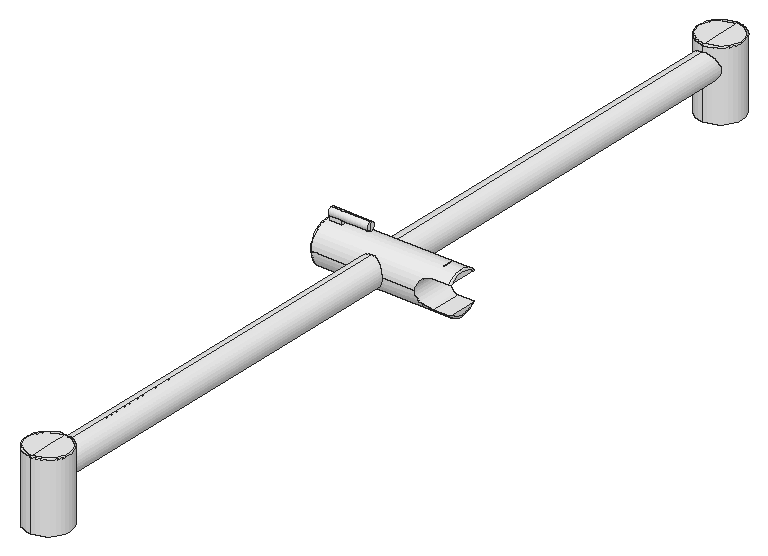
Revit family "Slide_Bar-American_Standard-Standard-1660.730", category Specialty Equipment, host Face, Revit 2014
Parameters (values of type "1660.730")
  Width = 4 7/8"  # constant formula
  Warranty Information = "One Year General Product Warranty"  # constant formula
  URL = "https://www.americanstandard-us.com/"
  Type Comments = ""
  Product Page URL = "https://www.americanstandard-us.com/bathroom/shower-faucets/30-inch-round-shower-slide-bar-32102"
  Product Documentation Link = "https://www.americanstandard-us.com/-/media/sites/asus/files/product-specs/shower-accessories/30-inch-standard-shower-slide-bar-1660730/spec-sheet-1660730.pdf?la=en"
  Price = "Prices may vary. Please consult Manufacturer Representative for most up-to-date price list."  # constant formula
  Model = "1660.730"  # constant formula
  Material = "Brass-American Standard-002-Polished Chrome"
  Manufacturer = "American Standard"  # constant formula
  Length = 1 3/4"  # constant formula
  Installation Type = "Wall Mounted"  # constant formula
  Height = 30 1/8"  # constant formula
  Finish = Brass-American Standard-002-Polished Chrome
  Description = "30\" Standard Slide Bar"
  Default Elevation = 50"  # constant formula
  Creation Date = "01/22/2018"  # constant formula
  Assembly Code = "C1030200"
Reference planes (in)
  plane 1 "Center (Front/Back)": y = 0
  plane 2: z = 0
  plane 3 "Center (Left/Right)": x = 0
  plane 4: y = 15.0625
  plane 5: y = -15.0625
  plane 6: z = 1.75
  plane 7: x = 2.0625
  plane 8: y = 14.28125
  plane 9: y = 15.84375
  plane 10: x = -2.0625
  plane 11: x = 2.8125
Forms (in)
  Revolve 1, solid, material "Brass-American Standard-002-Polished Chrome" <- "Finish"
    sketch origin (0, 0, 0) x (0, 1, 0) y (0, 0, 1)
      loop
        line (15.0625, 0) -> (15.84375, 0) -> (15.84375, 2.46875)
        arc (15.84375, 2.46875) -> (15.8346, 2.49085) -> (15.8125, 2.5) r 0.03125
        line (15.8125, 2.5) -> (15.0625, 2.5) -> (15.0625, 0)
      axis (15.0625, 2.5) -> (15.0625, 0)
    angle from 0 to 360
  Revolve 2, solid, material "Brass-American Standard-002-Polished Chrome" <- "Finish"
    sketch origin (0, -30.125, 0) x (0, 1, 0) y (0, 0, 1)
      loop
        line (15.0625, 0) -> (15.84375, 0) -> (15.84375, 2.46875)
        arc (15.84375, 2.46875) -> (15.8346, 2.49085) -> (15.8125, 2.5) r 0.03125
        line (15.8125, 2.5) -> (15.0625, 2.5) -> (15.0625, 0)
      axis (15.0625, 2.5) -> (15.0625, 0)
    angle from 0 to 360
  Revolve 3, solid, material "Brass-American Standard-002-Polished Chrome" <- "Finish"
    sketch origin (0, 0, 0) x (0, 1, 0) y (0, 0, 1)
      loop
        line (15.0625, 1.75) -> (-15.0625, 1.75) -> (-15.0625, 1.25) -> (15.0625, 1.25) -> (15.0625, 1.75)
      axis (-15.0625, 1.75) -> (15.0625, 1.75)
    angle from 0 to 360
  Revolve 4, solid, material "Brass-American Standard-002-Polished Chrome" <- "Finish"
    sketch origin (0, 0, 1.75) x (1, 0, 0) y (0, 1, 0)
      loop
        line (-2.0625, 0) -> (2.8125, 0) -> (2.8125, 0.6875)
        arc (2.8125, 0.6875) -> (2.79419, 0.73169) -> (2.75, 0.75) r 0.0625
        line (2.75, 0.75) -> (-2, 0.75)
        arc (-2, 0.75) -> (-2.04419, 0.73169) -> (-2.0625, 0.6875) r 0.0625
        line (-2.0625, 0.6875) -> (-2.0625, 0)
      axis (-2.0625, 0) -> (2.8125, 0)
    angle from 0 to 360
  Extrusion 5, void
    sketch origin (0, 0, 0) x (1, 0, 0) y (0, 0, 1)
      loop
        line (2.1875, 1.25) -> (2.9375, 1.25) -> (2.9375, 2.25) -> (2.1875, 2.25)
        arc (2.1875, 2.25) -> (1.6875, 1.75) -> (2.1875, 1.25) r 0.5
    from -0.89529 to 1.0084
  Extrusion 6, solid, material "Brass-American Standard-002-Polished Chrome" <- "Finish"
    sketch origin (0, 0, 0) x (1, 0, 0) y (0, 0, 1)
      loop
        line (-1.88225, 2.23689) -> (-1.44893, 2.23689) -> (-1.44893, 2.68031) -> (-1.88225, 2.68031) -> (-1.88225, 2.23689)
    from -0.10512 to 0.1051
  Revolve 7, solid, material "Brass-American Standard-002-Polished Chrome" <- "Finish"
    sketch origin (0.01562, 0, 0.0625) x (1, 0, 0) y (0, 0, 1)
      loop
        line (-1.89787, 2.68031) -> (-0.49877, 2.68031) -> (-0.49877, 2.82445) -> (-1.89787, 2.82445) -> (-1.89787, 2.68031)
      axis (-0.49877, 2.68031) -> (-1.89787, 2.68031)
    angle from 0 to 360
Cuts and joins
  Extrusion 5 cuts Revolve 4
  joined: Revolve 1, Revolve 2, Revolve 3, Revolve 4, Extrusion 6, Revolve 7
Lines and regions (in)
  Masking region 1
    outline origin (0, 0, 0) x (1, 0, 0) y (0, 0, 1)
      loop
        line (-2.0625, 2.43917) -> (-2.0625, 1.0625)
        arc (-2.0625, 1.0625) -> (-2.04419, 1.01831) -> (-2, 1) r 0.0625
        line (-2, 1) -> (-0.78125, 1) -> (-0.78125, 0) -> (0.78125, 0) -> (0.78125, 1) -> (2.7485, 1)
        arc (2.7485, 1) -> (2.79376, 1.01874) -> (2.8125, 1.064) r 0.064
        line (2.8125, 1.064) -> (2.8125, 1.25) -> (2.1875, 1.25)
        arc (2.1875, 1.25) -> (1.6875, 1.75) -> (2.1875, 2.25) r 0.5
        line (2.1875, 2.25) -> (2.8125, 2.25) -> (2.8125, 2.43742)
        arc (2.8125, 2.43742) -> (2.79419, 2.48161) -> (2.75, 2.49992) r 0.0625
        line (2.75, 2.49992) -> (-1.44893, 2.49992) -> (-1.44893, 2.59867) -> (-0.48315, 2.59867) -> (-0.48315, 2.88695) -> (-1.88225, 2.88695) -> (-1.88225, 2.50039) -> (-2.00128, 2.50039)
        arc (-2.00128, 2.50039) -> (-2.04457, 2.48246) -> (-2.0625, 2.43917) r 0.06122
  symbolic lines, detail levels medium+fine
    curve 1: line (-0.78125, 0, 1) -> (-0.78125, 0, 2.49992)
    curve 2: line (0.78125, 0, 1) -> (0.78125, 0, 2.49992)
    curve 5: line (-1.44893, 0, 2.49992) -> (-1.88225, 0, 2.49992)
  symbolic lines, detail levels fine
    curve 3: line (-1.88225, 0, 2.64418) -> (-1.44893, 0, 2.64418)
    curve 4: line (-1.44893, 0, 2.59867) -> (-1.44893, 0, 2.64418)
Dimensions and locks (in)
  "Length": plane 2 to plane 6
  plane 9 to plane 8 = 1 9/16"
  "Width": plane 10 to plane 11
  plane 2 to plane 6 = 1 3/4"
  plane 10 to plane 3 "Center (Left/Right)" to plane 7 = 2 1/16", 2 1/16"
  "Height": plane 4 to plane 5
  aligned and locked: plane 2 to host face
  aligned and locked: level to host face
Automatic sketch dimensions
  host sketch curve to host sketch curve = 96"  (x2)
  Revolve 1 sketch curve to plane 4 = 0"  (x2)
  Revolve 1 sketch curve to level = 0"
  Revolve 1 sketch curve to plane 9 = 0"
  plane 9 to Revolve 1 sketch curve = 1/32"
  Revolve 1 sketch curve to plane 6 = 23/32"
  Revolve 1 sketch curve to Revolve 1 sketch curve = 1/2"
  Revolve 1 sketch curve to Revolve 1 sketch curve = 1 3/4"
  Revolve 2 sketch curve to plane 5 = 0"  (x2)
  Revolve 2 sketch curve to level = 0"
  Revolve 2 sketch curve to Revolve 2 sketch curve = 3/4"
  Revolve 2 sketch curve to plane 5 = 25/32"
  Revolve 2 sketch curve to plane 6 = 23/32"
  Revolve 2 sketch curve to Revolve 2 sketch curve = 1/2"
  Revolve 2 sketch curve to Revolve 2 sketch curve = 1 3/4"
  Revolve 3 sketch curve to plane 5 = 0"
  Revolve 3 sketch curve to plane 4 = 0"
  plane 6 to Revolve 3 sketch curve = 0"  (x2)
  Revolve 3 sketch curve to Revolve 3 sketch curve = 1/2"
  Revolve 3 sketch curve to plane 9 = 1/4"
  Revolve 3 sketch curve to Revolve 3 sketch curve = 1"
  Revolve 4 sketch curve to plane 10 = 0"
  plane 1 "Center (Front/Back)" to Revolve 4 sketch curve = 0"  (x2)
  Revolve 4 sketch curve to plane 11 = 0"
  Revolve 4 sketch curve to plane 10 = 1/16"
  Revolve 4 sketch curve to plane 11 = 1/16"
  Revolve 4 sketch curve to plane 1 "Center (Front/Back)" = 11/16"
  Revolve 4 sketch curve to Revolve 4 sketch curve = 3/4"
  Revolve 4 sketch curve to Revolve 4 sketch curve = 2 1/2"
  Extrusion 5 sketch curve to plane 6 = 0"
  plane 7 to Extrusion 5 sketch curve = 1/8"
  plane 11 to Extrusion 5 sketch curve = 1/8"
  plane 6 to Extrusion 5 sketch curve = 1/2"
  Extrusion 6 sketch curve to plane 10 = 0.18025"
  Extrusion 6 sketch curve to Extrusion 6 sketch curve = 0.43331"
  Extrusion 6 sketch curve to plane 6 = 0.48689"
  Extrusion 6 sketch curve to Extrusion 6 sketch curve = 0.44342"
  Revolve 7 sketch curve to plane 10 = 0.18025"
  Revolve 7 sketch curve to plane 3 "Center (Left/Right)" = 0.48315"
  Revolve 7 sketch curve to plane 6 = 0.99281"
  Revolve 7 sketch curve to Revolve 7 sketch curve = 0.14414"
  plane 10 to Revolve 7 sketch curve = 0.17519"
  Revolve 7 sketch curve to Revolve 7 sketch curve = 1/64"
  Revolve 7 sketch curve to Revolve 7 sketch curve = 0"
  plane 10 to Masking region 1 sketch curve = 0"
  Masking region 1 sketch curve to level = 0"
  Masking region 1 sketch curve to plane 6 = 0"
  Masking region 1 sketch curve to plane 11 = 0"  (x2)
  Masking region 1 sketch curve to Masking region 1 sketch curve = 0.06122"
  Masking region 1 sketch curve to plane 10 = 1/16"
  Masking region 1 sketch curve to plane 10 = 0.18025"
  Masking region 1 sketch curve to Masking region 1 sketch curve = 0.43331"
  Masking region 1 sketch curve to plane 3 "Center (Left/Right)" = 25/32"
  Masking region 1 sketch curve to plane 3 "Center (Left/Right)" = 0.48315"
  plane 3 "Center (Left/Right)" to Masking region 1 sketch curve = 25/32"
  plane 7 to Masking region 1 sketch curve = 1/8"
  Masking region 1 sketch curve to plane 11 = 0.064"
  Masking region 1 sketch curve to plane 11 = 1/16"
  plane 6 to Masking region 1 sketch curve = 3/4"  (x2)
  Masking region 1 sketch curve to Masking region 1 sketch curve = 1/2"
  Masking region 1 sketch curve to Masking region 1 sketch curve = 0.18742"
  Masking region 1 sketch curve to Masking region 1 sketch curve = 0.06075"
  Masking region 1 sketch curve to Masking region 1 sketch curve = 0.09875"
  Masking region 1 sketch curve to Masking region 1 sketch curve = 0.28829"
  curve 4 to plane 10 = 0.61357"
  curve 3 to plane 6 = 0.89418"
  curve 5 to plane 10 = 0.18025"
  curve 3 to curve 5 = 0"
  curve 4 to curve 5 = 0"
  curve 5 to curve 1 = 0.66768"
  plane 3 "Center (Left/Right)" to curve 2 = 25/32"
  curve 4 to curve 3 = 0.04551"
  curve 5 to curve 3 = 0.14426"
  curve 2 to plane 6 = 0.74992"
  curve 1 to curve 5 = 0"
  plane 6 to curve 1 = 3/4"
  plane 6 to curve 2 = 3/4"
